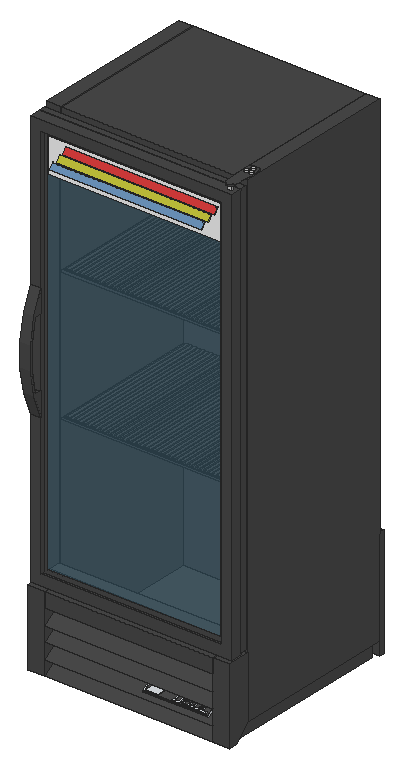
Revit family "QF_TRUE_GDM-12FC-HC~TSL01", category Specialty Equipment, Revit 2016
Family settings
  Part Type = Normal
  Round Connector Dimension = Use Diameter
  Work Plane-Based = No
  Always vertical = Yes
  Cut with Voids When Loaded = No
  Shared = No
  Room Calculation Point = No
Parameters
  Weight in Pounds = 233
  Watts = Volts * FL Amps  # 230 W
  Volts = 115 V
  URL Cutsheet = ""
  Specification by User = ""
  Specification by Manufacturer = ""
  Show Logo [instance] = yes
  Show Default Legs [instance] = not(Show 2.5 Inches Castors)  # yes
  Show Clearance [instance] = yes
  Show 2.5 Inches Castors [instance] = no
  Serial Number = ""
  Seismic Rating = ""
  SMACNA No = ""
  Revision Code = ""
  Phase = 1
  Number of Poles = 1
  NAFEM Spec ID Number = ""
  Model = "GDM-12FC-HC~TSL01"
  Min Ckt Ampacity = 0 A
  Max Overcurrent Protection = 0 A
  Materials and Finishes [instance] = QF_Plastic - Black - Smooth
  Masterspec = ""
  Manufacturer = "TRUE"
  Length = 24 13/16"
  Item Number = ""
  Installed By = ""
  Identify Quantity as Lot = yes
  Height [instance] = Body Height + Base Height  # 62 5/16"
  HP = "1/6"
  Furnished By = ""
  Foodservice Equipment Identifier = yes
  FL Amps = 2 A
  Electrical Remarks = ""
  Electric Connection Type = ""
  Elec Conn RI Height = 0"
  Elec Conn Connection Height = 0"
  Description = "SWING DOOR REFRIGERATOR WITH HYDROCARBON REFRIGERANT-TRUE STANDARD LOOK VERSION 01"
  Depth = 25 1/32"
  Cycle = 60 Hz
  Conn Plug = "NEMA 5-15P"
  Conn Conduit = yes
  CSI MasterFormat = ""
  Body Height [instance] = 62 1/8"  # constant formula
  Base Height [instance] = if(Show 2.5 Inches Castors, 2 1/2", 3/16")  # 3/16"
  Apparent Power = 0 VA
Reference planes (in)
  plane 1 "BACK": y = 0
  plane 2: z = 0
  plane 3 "LEFT": x = 0
  plane 4 "RIGHT": x = 24.8125
  plane 5 "FRONT": y = -25.03125
  plane 6 "TOP": z = 62.3125
  plane 7 "Center Y": x = 12.40625
  plane 8 "Center X": y = -12.51562
  plane 9: y = -0.53125
  plane 10: y = -23.40625
  plane 11: y = -25.09375
  plane 12: y = -46.625
  plane 13: z = 0.1875
Dimensions and locks (in)
  equal spacing: plane 3 "LEFT", plane 7 "Center Y", plane 4 "RIGHT"
  "Length": plane 3 "LEFT" to plane 4 "RIGHT"
  equal spacing: plane 5 "FRONT", plane 8 "Center X", plane 1 "BACK"
  "Depth": plane 5 "FRONT" to plane 1 "BACK"
  "Body Height": plane 6 "TOP" to plane 13
  plane 4 "RIGHT" to plane 3 "LEFT" = 24 13/16"
  plane 9 to plane 1 "BACK" = 17/32"
  plane 10 to plane 9 = 22 7/8"
  plane 5 "FRONT" to plane 10 = 1 5/8"
  plane 5 "FRONT" to plane 1 "BACK" = 25 1/32"
  plane 12 to plane 1 "BACK" = 46 5/8"
  "Base Height": plane 13 to level
  aligned and locked: level to plane 2
  aligned and locked: nested 1 to plane 13
Nested families (in)
  nested 1: "GDM-12FC-HC-TSL01" at (0, 0, 0), Show Clearance <- "Show Clearance", Show Default Legs <- "Show Default Legs", Show Logo <- "Show Logo", type "GDM-12FC-HC-TSL01"
    with Show Logo yes, Show Default Legs yes, Show Clearance yes
  nested 2: "2.5 INCHES_CASTER" at (2, -2.53125, 0), visible <- "Show 2.5 Inches Castors", 2.5 Inches Caster <- "Show 2.5 Inches Castors", type "2.5 INCHES_CASTER"
    with Type Mark "", Specification by User "", Revision Code "", Item Number "", Installed By "", Identify Quantity as Lot yes, Furnished By "", Foodservice Equipment Identifier yes, 2.5 Inches Caster no
  nested 3: "2.5 INCHES_CASTER" at (22.8125, -2.53125, 0), visible <- "Show 2.5 Inches Castors", 2.5 Inches Caster <- "Show 2.5 Inches Castors", type "2.5 INCHES_CASTER"
    with Type Mark "", Specification by User "", Revision Code "", Item Number "", Installed By "", Identify Quantity as Lot yes, Furnished By "", Foodservice Equipment Identifier yes, 2.5 Inches Caster no
  nested 4: "2.5 INCHES_CASTER" at (2, -21.78125, 0), visible <- "Show 2.5 Inches Castors", 2.5 Inches Caster <- "Show 2.5 Inches Castors", type "2.5 INCHES_CASTER"
    with Type Mark "", Specification by User "", Revision Code "", Item Number "", Installed By "", Identify Quantity as Lot yes, Furnished By "", Foodservice Equipment Identifier yes, 2.5 Inches Caster no
  nested 5: "2.5 INCHES_CASTER" at (22.8125, -21.78125, 0), visible <- "Show 2.5 Inches Castors", 2.5 Inches Caster <- "Show 2.5 Inches Castors", type "2.5 INCHES_CASTER"
    with Type Mark "", Specification by User "", Revision Code "", Item Number "", Installed By "", Identify Quantity as Lot yes, Furnished By "", Foodservice Equipment Identifier yes, 2.5 Inches Caster no
Connectors (in)
  electrical at (12.40625, 0, 7.53125), driven by "Volts", driven by "Watts"
    settings: on nested 1, index 1, voltage 115 V, apparent load 230 VA, apparent load phase1 0 VA, apparent load phase2 0 VA, apparent load phase3 0 VA, power factor 1, load classification "Other", number of poles 1, system type 30, power factor state 1, is connector primary yes, connector utility no, sub classification motor no, connector description "ELECTRICAL CONNECTION"
Definition of nested family "GDM-12FC-HC-TSL01"
  Parameters (values of type "GDM-12FC-HC-TSL01")
    Weight in Pounds = 0
    Watts = 0 W
    Volts = 0 V
    URL Cutsheet = ""
    Specification by User = ""
    Specification by Manufacturer = ""
    Show Logo [instance] = yes
    Show Default Legs [instance] = yes
    Show Clearance [instance] = yes
    Serial Number = ""
    Seismic Rating = ""
    SMACNA No = ""
    Revision Code = ""
    Phase = 0
    Number of Poles = 1
    NAFEM Spec ID Number = ""
    Model = ""
    Min Ckt Ampacity = 0 A
    Max Overcurrent Protection = 0 A
    Masterspec = ""
    Manufacturer = ""
    Length = 24 13/16"
    Item Number = ""
    Installed By = ""
    Identify Quantity as Lot = yes
    Height = 62 5/16"
    HP = ""
    Furnished By = ""
    Foodservice Equipment Identifier = yes
    FL Amps = 0 A
    Electrical Remarks = ""
    Electric Connection Type = ""
    Elec Conn RI Height = 0"
    Elec Conn Connection Height = 0"
    Description = ""
    Depth = 25 1/32"
    Cycle = 0 Hz
    Conn Plug = ""
    Conn Conduit = yes
    CSI MasterFormat = ""
    Body Finish = none
    Apparent Power = 0 VA
  Reference planes (in)
    plane 1 "BACK": y = 0
    plane 2: z = 0
    plane 3 "LEFT": x = 0
    plane 4 "RIGHT": x = 24.8125
    plane 5 "FRONT": y = -25.03125
    plane 6 "TOP": z = 62.3125
    plane 7 "Center Y": x = 12.40625
    plane 8 "Center X": y = -12.51562
    plane 9: y = -0.53125
    plane 10: y = -23.40625
    plane 11: y = -25.09375
    plane 12: z = 10.5
    plane 13: z = 2.375
    plane 14: z = 10.5
    plane 15: y = -46.625
    plane 16: y = -46.625
    plane 17: z = 0.1875
  Forms (in)
    Extrusion 1, solid
      sketch origin (0.03125, -23.4375, 65.50979) x (0, 0, 1) y (1, 0, 0)
        loop
          line (-5.03234, 23.53125) -> (-54.00979, 23.53125) -> (-54.00979, 1.21875) -> (-5.03234, 1.21875) -> (-5.03234, 23.53125)
        loop
          line (-5.53234, 23.03125) -> (-53.50979, 23.03125) -> (-53.50979, 1.71875) -> (-5.53234, 1.71875) -> (-5.53234, 23.03125)
      from 2.25251 to 0.5
    Extrusion 2, solid, material <- "Body Finish"
      sketch origin (0.03125, -23.4375, 65.50979) x (0, 0, 1) y (1, 0, 0)
        loop
          line (-55.25979, -0.03125) -> (-3.78234, -0.03125) -> (-3.78234, 24.78125) -> (-55.25979, 24.78125) -> (-55.25979, -0.03125)
        loop
          line (-5.03234, 23.53125) -> (-54.00979, 23.53125) -> (-54.00979, 1.21875) -> (-5.03234, 1.21875) -> (-5.03234, 23.53125)
      from 1.50251 to 0.03125
    Extrusion 3, solid
      sketch origin (0.03125, -23.4375, 65.50979) x (0, 0, 1) y (1, 0, 0)
        loop
          line (-5.03234, 23.53125) -> (-54.00979, 23.53125) -> (-54.00979, 1.21875) -> (-5.03234, 1.21875) -> (-5.03234, 23.53125)
        loop
          line (-4.78234, 23.78125) -> (-54.25979, 23.78125) -> (-54.25979, 0.96875) -> (-4.78234, 0.96875) -> (-4.78234, 23.78125)
      from 2.25251 to 2.5625
    Extrusion 4, solid, material <- "Body Finish"
      sketch origin (0.03125, 2.9375, 12.89062) x (0, 1, 0) y (0, 0, 1)
        loop
          line (-3.46875, 48.33682) -> (-5.125, 48.33682) -> (-5.125, -9.51562) -> (-23.8125, -9.51562) -> (-23.8125, -10.51562) -> (-3.46875, -10.51562) -> (-3.46875, 48.33682)
      from 1.75 to 23
    Extrusion 5, solid, material <- "Body Finish"
      sketch origin (0.03125, 2.9375, 12.89062) x (0, -1, 0) y (0, 0, 1)
        loop
          line (23.8125, 49.33682) -> (3.46875, 49.33682) -> (3.46875, -10.51562) -> (23.8125, -10.51562) -> (23.8125, 49.33682)
      from 0.03125 to -1.75
    Extrusion 6, solid, material <- "Body Finish"
      sketch origin (0, -0.0625, -1.8125) x (0, 1, 0) y (0, 0, 1)
        loop
          line (-0.46875, 2.5) -> (0.0625, 2.5) -> (0.0625, 16.1875) -> (-0.46875, 16.1875) -> (-0.46875, 2.5)
      from 0 to 24.8125
    Extrusion 7, solid, material <- "Body Finish"
      sketch origin (0, 0.46875, 0.375) x (0, 1, 0) y (0, 0, 1)
        loop
          line (-21.34375, 9.625) -> (-24.20354, 9.625) -> (-24.20354, 0.3125) -> (-23.03125, 0.3125) -> (-21.34375, 2) -> (-21.34375, 9.625)
      from 0 to 2
    Extrusion 8, solid
      sketch origin (0, 0.46875, 0.375) x (0, 1, 0) y (0, 0, 1)
        loop
          line (-23.03125, 0.3125) -> (-23.03125, -0.1875) -> (-1, -0.1875) -> (-1, 2) -> (-21.34375, 2) -> (-23.03125, 0.3125)
      from 0.98361 to 23.82889
    Extrusion 9, solid, material <- "Body Finish"
      sketch origin (2, 0.46875, 0.375) x (0, 1, 0) y (0, 0, 1)
        loop
          line (-24.20354, 9.625) -> (-24.20354, 7.875) -> (-21.40384, 7.875) -> (-24.20354, 5.88192) -> (-23.74627, 5.88192) -> (-21.34375, 7.61566) -> (-21.34375, 9.625) -> (-24.20354, 9.625)
        loop
          line (-21.34375, 6.04694) -> (-24.20354, 4.01463) -> (-23.74627, 4.01463) -> (-21.34375, 5.74837) -> (-21.34375, 6.04694)
        loop
          line (-21.34375, 3.88108) -> (-21.34375, 4.17966) -> (-24.20354, 2.11927) -> (-23.78927, 2.11927) -> (-21.34375, 3.88108)
        loop
          line (-21.34375, 2.37289) -> (-24.20354, 0.3125) -> (-23.03125, 0.3125) -> (-21.34375, 2) -> (-21.34375, 2.37289)
      from 0 to 20.8125
    Extrusion 10, solid
      sketch origin (0.03125, -22.9375, 65.50979) x (0, 0, -1) y (1, 0, 0)
        loop
          line (9.78234, 1.71875) -> (53.50979, 1.71875) -> (53.50979, 23.03125) -> (9.78234, 23.03125) -> (9.78234, 1.71875)
      from 0 to -0.125
    Extrusion 11, solid, visible <- "Show Clearance", detail levels coarse
      sketch origin (23.15625, -23.4375, 10.5) x (0, -1, 0) y (-1, 0, 0)
        loop
          line (-0.03125, -1.65625) -> (23.1875, -1.65625)
          arc (23.1875, -1.65625) -> (16.70099, 15.54381) -> (-0.03125, 23.15625) r 24.08186
          line (-0.03125, 23.15625) -> (-0.03125, -1.65625)
      from 0.25 to -51.22744
    Extrusion 12, solid, material <- "Body Finish"
      sketch origin (24.78125, 2.9375, 12.89062) x (0, -1, 0) y (0, 0, -1)
        loop
          line (23.8125, -49.33682) -> (23.8125, 10.51562) -> (3.46875, 10.51562) -> (3.46875, -49.33682) -> (23.8125, -49.33682)
      from 0.03125 to -1.75
    Extrusion 13, solid
      sketch origin (0.03125, -21.96624, 65.50979) x (0, 0, 1) y (1, 0, 0)
        loop
          line (-55.00979, -0.03125) -> (-3.78234, -0.03125) -> (-3.78234, 24.78125) -> (-55.00979, 24.78125) -> (-55.00979, -0.03125)
        loop
          line (-5.03234, 23.53125) -> (-53.75979, 23.53125) -> (-53.75979, 1.21875) -> (-5.03234, 1.21875) -> (-5.03234, 23.53125)
      from 0.78125 to 0.03125
    Extrusion 14, solid, material <- "Body Finish"
      sketch origin (24.8125, 0.46875, 0.375) x (0, 1, 0) y (0, 0, -1)
        loop
          line (-21.34375, -9.625) -> (-21.34375, -2) -> (-23.03125, -0.3125) -> (-24.20354, -0.3125) -> (-24.20354, -9.625) -> (-21.34375, -9.625)
      from 0 to 2
    Extrusion 15, solid
      sketch origin (0.35938, 0, 0) x (1, 0, 0) y (0, 1, 0)
        loop
          circle (23.55974, -22.48479) r 0.25
      from 10 to 62.22744
    Revolve 16, solid, visible <- "Show Default Legs"
      sketch origin (2, 0.46875, 0) x (0, 1, 0) y (0, 0, 1)
        loop
          line (-21.84375, 0) -> (-21.84375, 0.1875) -> (-22.6184, 0.1875) -> (-22.6184, 0) -> (-21.84375, 0)
        axis (-21.84375, 0) -> (-21.84375, 0.1875)
      angle from 0 to 360
    Revolve 17, solid, visible <- "Show Default Legs"
      sketch origin (2, 20.21875, 0) x (0, 1, 0) y (0, 0, 1)
        loop
          line (-21.84375, 0) -> (-21.84375, 0.1875) -> (-22.6184, 0.1875) -> (-22.6184, 0) -> (-21.84375, 0)
        axis (-21.84375, 0) -> (-21.84375, 0.1875)
      angle from 0 to 360
    Revolve 18, solid, visible <- "Show Default Legs"
      sketch origin (22.8125, 0.46875, 0) x (0, 1, 0) y (0, 0, -1)
        loop
          line (-21.84375, 0) -> (-22.6184, 0) -> (-22.6184, -0.1875) -> (-21.84375, -0.1875) -> (-21.84375, 0)
        axis (-21.84375, 0) -> (-21.84375, -0.1875)
      angle from 0 to 360
    Revolve 19, solid, visible <- "Show Default Legs"
      sketch origin (22.8125, 20.21875, 0) x (0, 1, 0) y (0, 0, -1)
        loop
          line (-21.84375, 0) -> (-22.6184, 0) -> (-22.6184, -0.1875) -> (-21.84375, -0.1875) -> (-21.84375, 0)
        axis (-21.84375, 0) -> (-21.84375, -0.1875)
      angle from 0 to 360
    Extrusion 20, solid, not visible
      sketch origin (-6.9261, -177.0625, 34.29306) x (-1, 0, 0) y (0, -1, 0)
        loop
          line (-8.70735, -174.875) -> (-8.70735, -156.1875) -> (-29.95735, -156.1875) -> (-29.95735, -174.875) -> (-8.70735, -174.875)
        loop
          line (-8.95735, -174.625) -> (-8.95735, -156.375) -> (-29.70735, -156.375) -> (-29.70735, -174.625) -> (-8.95735, -174.625)
      from 0 to 0.25
    Extrusion 21, solid, not visible
      sketch origin (0.23437, 2.9375, 7.80869) x (1, 0, 0) y (0, 0, 1)
        loop
          circle (10.17187, 26.73438) r 0.125
        loop
          circle (9.67187, 26.73438) r 0.125
        loop
          circle (9.17187, 26.73438) r 0.125
        loop
          circle (8.67187, 26.73438) r 0.125
        loop
          circle (8.17187, 26.73438) r 0.125
        loop
          circle (7.67187, 26.73438) r 0.125
        loop
          circle (7.17187, 26.73438) r 0.125
        loop
          circle (6.67187, 26.73438) r 0.125
        loop
          circle (6.17187, 26.73438) r 0.125
        loop
          circle (5.67187, 26.73438) r 0.125
        loop
          circle (5.17187, 26.73438) r 0.125
        loop
          circle (4.67187, 26.73438) r 0.125
        loop
          circle (4.17187, 26.73438) r 0.125
        loop
          circle (3.67187, 26.73438) r 0.125
        loop
          circle (3.17187, 26.73438) r 0.125
        loop
          circle (2.67187, 26.73438) r 0.125
        loop
          circle (2.17187, 26.73438) r 0.125
        loop
          circle (10.67187, 26.73438) r 0.125
        loop
          circle (11.17187, 26.73438) r 0.125
        loop
          circle (11.67187, 26.73438) r 0.125
        loop
          circle (12.17188, 26.73438) r 0.125
        loop
          circle (14.17188, 26.73438) r 0.125
        loop
          circle (14.67188, 26.73438) r 0.125
        loop
          circle (15.17188, 26.73438) r 0.125
        loop
          circle (15.67188, 26.73438) r 0.125
        loop
          circle (16.17188, 26.73438) r 0.125
        loop
          circle (16.67188, 26.73438) r 0.125
        loop
          circle (17.17188, 26.73438) r 0.125
        loop
          circle (17.67188, 26.73438) r 0.125
        loop
          circle (18.17188, 26.73438) r 0.125
        loop
          circle (18.67188, 26.73438) r 0.125
        loop
          circle (19.17188, 26.73438) r 0.125
        loop
          circle (19.67188, 26.73438) r 0.125
        loop
          circle (20.17188, 26.73438) r 0.125
        loop
          circle (20.67188, 26.73438) r 0.125
        loop
          circle (21.17188, 26.73438) r 0.125
        loop
          circle (21.67188, 26.73438) r 0.125
        loop
          circle (22.17188, 26.73438) r 0.125
        loop
          circle (13.67188, 26.73438) r 0.125
        loop
          circle (13.17188, 26.73438) r 0.125
        loop
          circle (12.67188, 26.73438) r 0.125
      from 5.125 to 23.625
    Extrusion 22, solid, material <- "Body Finish"
      sketch origin (4.31688, 2.875, 26.74306) x (1, 0, 0) y (0, 1, 0)
        loop
          arc (19.40165, -21.39984) -> (19.03744, -21.55726) -> (18.90258, -21.93042) r 0.5
          line (18.90258, -21.93042) -> (19.11273, -25.35979)
          arc (19.11273, -25.35979) -> (19.6118, -25.82921) -> (20.11086, -25.35979) r 0.5
          line (20.11086, -25.35979) -> (20.32101, -21.93042)
          arc (20.32101, -21.93042) -> (20.18615, -21.55726) -> (19.82195, -21.39984) r 0.5
          line (19.82195, -21.39984) -> (19.40165, -21.39984)
      from 35.48438 to 35.56944
    Extrusion 23, solid
      sketch origin (4.30731, 2.875, 26.74306) x (1, 0, 0) y (0, 1, 0)
        loop
          circle (19.6118, -21.78078) r 0.25
        loop
          circle (19.30218, -22.51019) r 0.25
        loop
          circle (19.92141, -22.51019) r 0.25
      from 35.48438 to 35.64063
    Extrusion 24, solid
      sketch origin (0.75, -20.8125, -17.64756) x (-1, 0, 0) y (0, 0, 1)
        loop
          line (-1, 77.625) -> (-22.3125, 77.625) -> (-22.3125, 73.375) -> (-1, 73.375) -> (-1, 77.625)
      from -0.37249 to -2.125
    Extrusion 25, solid
      sketch origin (0.75, -22.9375, -16.39756) x (1, 0, 0) y (0, 0, 1)
        loop
          line (2.10165, 73.75) -> (20.84375, 73.75) -> (21.22761, 74.75) -> (2.48552, 74.75) -> (2.10165, 73.75)
      from 0 to 0.03125
    Extrusion 26, solid
      sketch origin (0.75, -22.9375, -17.39756) x (1, 0, 0) y (0, 0, 1)
        loop
          line (3.30123, 76.875) -> (2.91736, 75.875) -> (21.64348, 75.875) -> (22.02734, 76.875) -> (3.30123, 76.875)
      from 0 to 0.03125
    Extrusion 27, solid
      sketch origin (0.75, -22.9375, -15.39756) x (1, 0, 0) y (0, 0, 1)
        loop
          line (1.28594, 71.625) -> (20.02239, 71.625) -> (20.40625, 72.625) -> (1.66981, 72.625) -> (1.28594, 71.625)
      from 0 to 0.03125
    Extrusion 28, solid, material <- "Body Finish"
      sketch origin (20.40625, -69.74366, 62.22744) x (0, 1, 0) y (-1, 0, 0)
        loop
          line (69.21241, -2.625) -> (69.21241, 18.625) -> (48.86866, 18.625) -> (48.86866, -2.625) -> (69.21241, -2.625)
      from 0 to -1
    Extrusion 29, solid, material <- "Body Finish"
      sketch origin (-0.25, 2.875, 18.89509) x (0, 1, 0) y (0, 0, 1)
        loop
          arc (-26.28125, 24.2861) -> (-27.90626, 17.09363) -> (-26.28125, 9.90116) r 16.72986
          line (-26.28125, 9.90116) -> (-26.28125, 12.85144) -> (-27.1009, 12.85144)
          arc (-27.1009, 12.85144) -> (-27.65626, 17.09363) -> (-27.1009, 21.33582) r 16.47986
          line (-27.1009, 21.33582) -> (-26.28125, 21.33582) -> (-26.28125, 24.2861)
      from 0.25 to 1.5
    Extrusion 30, solid
      sketch origin (-6.9261, -177.0625, 27.70067) x (-1, 0, 0) y (0, -1, 0)
        loop
          line (-8.70735, -174.875) -> (-8.70735, -156.1875) -> (-29.95735, -156.1875) -> (-29.95735, -174.875) -> (-8.70735, -174.875)
        loop
          line (-8.95735, -174.625) -> (-8.95735, -156.375) -> (-29.70735, -156.375) -> (-29.70735, -174.625) -> (-8.95735, -174.625)
      from 0 to 0.25
    Extrusion 31, solid
      sketch origin (0.23437, 2.9375, 1.21629) x (1, 0, 0) y (0, 0, 1)
        loop
          circle (10.17187, 26.73438) r 0.125
        loop
          circle (9.67187, 26.73438) r 0.125
        loop
          circle (9.17187, 26.73438) r 0.125
        loop
          circle (8.67187, 26.73438) r 0.125
        loop
          circle (8.17187, 26.73438) r 0.125
        loop
          circle (7.67187, 26.73438) r 0.125
        loop
          circle (7.17187, 26.73438) r 0.125
        loop
          circle (6.67187, 26.73438) r 0.125
        loop
          circle (6.17187, 26.73438) r 0.125
        loop
          circle (5.67187, 26.73438) r 0.125
        loop
          circle (5.17187, 26.73438) r 0.125
        loop
          circle (4.67187, 26.73438) r 0.125
        loop
          circle (4.17187, 26.73438) r 0.125
        loop
          circle (3.67187, 26.73438) r 0.125
        loop
          circle (3.17187, 26.73438) r 0.125
        loop
          circle (2.67187, 26.73438) r 0.125
        loop
          circle (2.17187, 26.73438) r 0.125
        loop
          circle (10.67187, 26.73438) r 0.125
        loop
          circle (11.17187, 26.73438) r 0.125
        loop
          circle (11.67187, 26.73438) r 0.125
        loop
          circle (12.17188, 26.73438) r 0.125
        loop
          circle (14.17188, 26.73438) r 0.125
        loop
          circle (14.67188, 26.73438) r 0.125
        loop
          circle (15.17188, 26.73438) r 0.125
        loop
          circle (15.67188, 26.73438) r 0.125
        loop
          circle (16.17188, 26.73438) r 0.125
        loop
          circle (16.67188, 26.73438) r 0.125
        loop
          circle (17.17188, 26.73438) r 0.125
        loop
          circle (17.67188, 26.73438) r 0.125
        loop
          circle (18.17188, 26.73438) r 0.125
        loop
          circle (18.67188, 26.73438) r 0.125
        loop
          circle (19.17188, 26.73438) r 0.125
        loop
          circle (19.67188, 26.73438) r 0.125
        loop
          circle (20.17188, 26.73438) r 0.125
        loop
          circle (20.67188, 26.73438) r 0.125
        loop
          circle (21.17188, 26.73438) r 0.125
        loop
          circle (21.67188, 26.73438) r 0.125
        loop
          circle (22.17188, 26.73438) r 0.125
        loop
          circle (13.67188, 26.73438) r 0.125
        loop
          circle (13.17188, 26.73438) r 0.125
        loop
          circle (12.67188, 26.73438) r 0.125
      from 5.125 to 23.625
    Extrusion 32, solid
      sketch origin (-6.9261, -177.0625, 44.02633) x (-1, 0, 0) y (0, -1, 0)
        loop
          line (-8.70735, -174.875) -> (-8.70735, -156.1875) -> (-29.95735, -156.1875) -> (-29.95735, -174.875) -> (-8.70735, -174.875)
        loop
          line (-8.95735, -174.625) -> (-8.95735, -156.375) -> (-29.70735, -156.375) -> (-29.70735, -174.625) -> (-8.95735, -174.625)
      from 0 to 0.25
    Extrusion 33, solid
      sketch origin (0.23437, 2.9375, 17.54196) x (1, 0, 0) y (0, 0, 1)
        loop
          circle (10.17187, 26.73438) r 0.125
        loop
          circle (9.67187, 26.73438) r 0.125
        loop
          circle (9.17187, 26.73438) r 0.125
        loop
          circle (8.67187, 26.73438) r 0.125
        loop
          circle (8.17187, 26.73438) r 0.125
        loop
          circle (7.67187, 26.73438) r 0.125
        loop
          circle (7.17187, 26.73438) r 0.125
        loop
          circle (6.67187, 26.73438) r 0.125
        loop
          circle (6.17187, 26.73438) r 0.125
        loop
          circle (5.67187, 26.73438) r 0.125
        loop
          circle (5.17187, 26.73438) r 0.125
        loop
          circle (4.67187, 26.73438) r 0.125
        loop
          circle (4.17187, 26.73438) r 0.125
        loop
          circle (3.67187, 26.73438) r 0.125
        loop
          circle (3.17187, 26.73438) r 0.125
        loop
          circle (2.67187, 26.73438) r 0.125
        loop
          circle (2.17187, 26.73438) r 0.125
        loop
          circle (10.67187, 26.73438) r 0.125
        loop
          circle (11.17187, 26.73438) r 0.125
        loop
          circle (11.67187, 26.73438) r 0.125
        loop
          circle (12.17188, 26.73438) r 0.125
        loop
          circle (14.17188, 26.73438) r 0.125
        loop
          circle (14.67188, 26.73438) r 0.125
        loop
          circle (15.17188, 26.73438) r 0.125
        loop
          circle (15.67188, 26.73438) r 0.125
        loop
          circle (16.17188, 26.73438) r 0.125
        loop
          circle (16.67188, 26.73438) r 0.125
        loop
          circle (17.17188, 26.73438) r 0.125
        loop
          circle (17.67188, 26.73438) r 0.125
        loop
          circle (18.17188, 26.73438) r 0.125
        loop
          circle (18.67188, 26.73438) r 0.125
        loop
          circle (19.17188, 26.73438) r 0.125
        loop
          circle (19.67188, 26.73438) r 0.125
        loop
          circle (20.17188, 26.73438) r 0.125
        loop
          circle (20.67188, 26.73438) r 0.125
        loop
          circle (21.17188, 26.73438) r 0.125
        loop
          circle (21.67188, 26.73438) r 0.125
        loop
          circle (22.17188, 26.73438) r 0.125
        loop
          circle (13.67188, 26.73438) r 0.125
        loop
          circle (13.17188, 26.73438) r 0.125
        loop
          circle (12.67188, 26.73438) r 0.125
      from 5.125 to 23.625
  Lines and regions (in)
    symbolic lines
      curve 1: line (0, 0, 0) -> (24.8125, 0, 0)
      curve 2: line (0, -23.73479, 0) -> (0, 0, 0)
      curve 3: line (24.8125, -23.40625, 0) -> (0, -23.40625, 0)
      curve 4: line (24.8125, 0, 0) -> (24.8125, -23.73479, 0)
      curve 5: line (24.8125, -21.93499, 0) -> (24.46144, -21.93499, 0)
      curve 6: line (24.8125, -21.18499, 0) -> (24.5074, -21.18499, 0)
      curve 7: line (0, -20.875, 0) -> (23.33097, -20.875, 0)
      curve 8: line (1.78125, -0.53125, 0) -> (1.78125, -20.875, 0)
      curve 9: line (23.03125, -20.875, 0) -> (23.03125, -0.53125, 0)
      curve 10: line (24.13883, -18.52484, 0) -> (23.71853, -18.52484, 0)
      curve 11: arc (23.71853, -18.52484, 0) -> (23.35432, -18.68226, 0) -> (23.21947, -19.05542, 0) r 0.5
      curve 12: line (23.21947, -19.05542, 0) -> (23.42962, -22.48479, 0)
      curve 13: arc (23.42962, -22.48479, 0) -> (23.92868, -22.95421, 0) -> (24.42775, -22.48479, 0) r 0.5
      curve 14: line (24.42775, -22.48479, 0) -> (24.6379, -19.05542, 0)
      curve 15: arc (24.6379, -19.05542, 0) -> (24.50304, -18.68226, 0) -> (24.13883, -18.52484, 0) r 0.5
      curve 16: arc (24.16911, -22.48479, 0) -> (23.91911, -22.23479, 0) -> (23.66911, -22.48479, 0) r 0.25
      curve 17: arc (23.66911, -22.48479, 0) -> (23.91911, -22.73479, 0) -> (24.16911, -22.48479, 0) r 0.25
      curve 18: arc (23.3595, -19.63519, 0) -> (23.6095, -19.88519, 0) -> (23.8595, -19.63519, 0) r 0.25
      curve 19: arc (23.8595, -19.63519, 0) -> (23.6095, -19.38519, 0) -> (23.3595, -19.63519, 0) r 0.25
      curve 20: arc (23.97873, -19.63519, 0) -> (24.22873, -19.88519, 0) -> (24.47873, -19.63519, 0) r 0.25
      curve 21: arc (24.47873, -19.63519, 0) -> (24.22873, -19.38519, 0) -> (23.97873, -19.63519, 0) r 0.25
      curve 22: arc (23.66911, -18.90578, 0) -> (23.91911, -19.15578, 0) -> (24.16911, -18.90578, 0) r 0.25
      curve 23: arc (24.16911, -18.90578, 0) -> (23.91911, -18.65578, 0) -> (23.66911, -18.90578, 0) r 0.25
      curve 24: line (24.52639, -20.875, 0) -> (24.8125, -20.875, 0)
      curve 25: line (23.34997, -21.18499, 0) -> (0, -21.18499, 0)
      curve 26: line (23.39593, -21.93499, 0) -> (0, -21.93499, 0)
      curve 27: line (24.8125, -23.40625, 0) -> (3.78864, -35.54438, 0)
      curve 28: arc (3.78864, -35.54438, 0) -> (1.07871, -29.72989, 0) -> (0, -23.40625, 0) r 24.08186
      curve 29: line (0.625, -25.03126, 0) -> (0.625, -23.40625, 0)
      curve 30: line (0.625, -25.03126, 0) -> (1.625, -25.03126, 0)
      curve 31: line (1.625, -25.03126, 0) -> (1.625, -23.40625, 0)
      curve 32: line (0, -23.73479, 0) -> (0.625, -23.73479, 0)
      curve 33: line (1.625, -23.73479, 0) -> (24.8125, -23.73479, 0)
      curve 34: line (0, -0.53125, 0) -> (24.8125, -0.53125, 0)
  Dimensions and locks (in)
    equal spacing: plane 3 "LEFT", plane 7 "Center Y", plane 4 "RIGHT"
    "Length": plane 3 "LEFT" to plane 4 "RIGHT"
    equal spacing: plane 5 "FRONT", plane 8 "Center X", plane 1 "BACK"
    "Depth": plane 5 "FRONT" to plane 1 "BACK"
    "Height": plane 6 "TOP" to level
    plane 4 "RIGHT" to plane 3 "LEFT" = 24 13/16"
    plane 9 to plane 1 "BACK" = 17/32"
    plane 10 to plane 9 = 22 7/8"
    plane 5 "FRONT" to plane 10 = 1 5/8"
    plane 5 "FRONT" to plane 1 "BACK" = 25 1/32"
    plane 1 "BACK" to plane 15 = 46 5/8"
    plane 16 to plane 1 "BACK" = 46 5/8"
    plane 17 to level = 3/16"
    aligned and locked: level to plane 2
  Automatic sketch dimensions
    Extrusion 20 sketch curve to Extrusion 20 sketch curve = 20 3/4"
    Extrusion 20 sketch curve to Extrusion 20 sketch curve = 1/4"  (x3)
    Extrusion 20 sketch curve to Extrusion 20 sketch curve = 18 1/4"
    Extrusion 20 sketch curve to Extrusion 20 sketch curve = 3/16"
    curve 16 to curve 17 = 0"  (x2)
    curve 18 to curve 19 = 0"  (x2)
    curve 20 to curve 21 = 0"  (x2)
    curve 22 to curve 23 = 0"  (x2)
    plane 1 "BACK" to curve 1 = 0"
    curve 1 to plane 3 "LEFT" = 0"
    curve 29 to plane 10 = 0"
    curve 8 to plane 9 = 0"
    curve 27 to plane 4 "RIGHT" = 0"
    plane 5 "FRONT" to curve 30 = 0"
    plane 3 "LEFT" to curve 30 = 5/8"
    curve 29 to curve 31 = 1"
    plane 3 "LEFT" to curve 27 = 3.78864"
    plane 4 "RIGHT" to curve 12 = 1.59303"
    plane 10 to curve 12 = 0.92146"
    plane 4 "RIGHT" to curve 12 = 1.38288"
    curve 12 to curve 19 = 0.39003"
    curve 12 to curve 10 = 0.49906"
    curve 12 to curve 17 = 0.48949"
    curve 11 to curve 22 = 0.20058"
    curve 16 to curve 13 = 0.00957"
    curve 16 to curve 28 = 0.14769"
    curve 10 to curve 10 = 0.4203"
    plane 4 "RIGHT" to curve 20 = 0.58377"
    curve 28 to curve 14 = 0.36094"
    plane 4 "RIGHT" to curve 14 = 0.1746"
    plane 5 "FRONT" to curve 27 = 10.51313"
    curve 4 to plane 10 = 0.32854"
    curve 2 to curve 28 = 0.32854"
    curve 28 to curve 17 = 0.06989"
    curve 16 to curve 13 = 0.03058"
    curve 13 to curve 20 = 2.81903"
    curve 18 to curve 20 = 0"
    curve 19 to curve 12 = 0.57977"
    curve 21 to curve 14 = 0.57977"
    curve 14 to curve 15 = 0.03058"
    curve 11 to curve 23 = 0.11906"
    plane 3 "LEFT" to curve 8 = 1 25/32"
    curve 9 to curve 18 = 0.57825"
    curve 9 to curve 7 = 0.29972"
    curve 7 to curve 25 = 0.019"
    curve 19 to curve 18 = 1/4"
    curve 26 to curve 13 = 0.03369"
    curve 22 to curve 11 = 0.04942"
    curve 12 to curve 17 = 0.23949"
    curve 18 to curve 20 = 0.11923"
    plane 4 "RIGHT" to curve 5 = 0.35106"
    curve 6 to curve 6 = 0.3051"
    curve 24 to curve 24 = 0.28611"
    Extrusion 1 sketch curve to Extrusion 1 sketch curve = 1/2"  (x4)
    Extrusion 2 sketch curve to plane 12 = 1/4"
    plane 12 to Extrusion 2 sketch curve = 1"
    Extrusion 3 sketch curve to Extrusion 3 sketch curve = 1/4"  (x4)
    Extrusion 4 sketch curve to plane 13 = 0"
    Extrusion 4 sketch curve to Extrusion 4 sketch curve = 1 21/32"
    plane 13 to Extrusion 4 sketch curve = 1"
    Extrusion 6 sketch curve to Extrusion 6 sketch curve = 13 11/16"
    Extrusion 7 sketch curve to Extrusion 7 sketch curve = 1 11/16"  (x2)
    Extrusion 7 sketch curve to Extrusion 7 sketch curve = 7 5/8"
    Extrusion 9 sketch curve to Extrusion 7 = 0"  (x11)
    Extrusion 7 to Extrusion 9 sketch curve = 0"  (x2)
    Extrusion 9 sketch curve to Extrusion 9 sketch curve = 0.41427"
    Extrusion 9 sketch curve to Extrusion 9 sketch curve = 0.45727"  (x2)
    Extrusion 9 sketch curve to Extrusion 7 = 0.06009"
    Extrusion 9 sketch curve to Extrusion 7 = 1.80677"
    Extrusion 9 sketch curve to Extrusion 9 sketch curve = 0.37289"
    Extrusion 9 sketch curve to Extrusion 9 sketch curve = 1.5082"
    Extrusion 9 sketch curve to Extrusion 9 sketch curve = 1.89536"
    Extrusion 9 sketch curve to Extrusion 9 sketch curve = 0.29857"  (x2)
    Extrusion 9 sketch curve to Extrusion 9 sketch curve = 1.56871"  (x2)
    Extrusion 9 sketch curve to Extrusion 9 sketch curve = 1.86729"
    Extrusion 9 sketch curve to Extrusion 9 sketch curve = 1 3/4"
    Extrusion 1 to Extrusion 10 sketch curve = 0"
    Extrusion 10 sketch curve to Extrusion 1 = 0"  (x2)
    Extrusion 1 to Extrusion 10 sketch curve = 4 1/4"
    Extrusion 11 sketch curve to plane 4 "RIGHT" = 0"
    Extrusion 11 sketch curve to plane 10 = 0"
    Extrusion 11 sketch curve to plane 15 = 0"
    Extrusion 11 sketch curve to plane 3 "LEFT" = 0"
    plane 4 "RIGHT" to Extrusion 11 sketch curve = 0.7457"
    Extrusion 13 sketch curve to plane 14 = 0"
    plane 14 to Extrusion 13 sketch curve = 1 1/4"
    Extrusion 14 sketch curve to Extrusion 14 sketch curve = 1 11/16"  (x2)
    Extrusion 15 sketch curve to Extrusion 15 sketch curve = 1/4"
    Revolve 16 sketch curve to Revolve 16 sketch curve = 0.77465"
    Revolve 16 sketch curve to Revolve 16 sketch curve = 0"  (x2)
    Revolve 16 sketch curve to Revolve 16 sketch curve = 0.38265"
    Revolve 17 sketch curve to Revolve 17 sketch curve = 0.77465"
    Revolve 17 sketch curve to Revolve 17 sketch curve = 0"  (x2)
    Revolve 17 sketch curve to Revolve 17 sketch curve = 0.38265"
    Revolve 18 sketch curve to Revolve 18 sketch curve = 0.77465"
    Revolve 18 sketch curve to Revolve 18 sketch curve = 0"  (x2)
    Revolve 18 sketch curve to Revolve 18 sketch curve = 0.38265"
    Revolve 19 sketch curve to Revolve 19 sketch curve = 0.77465"
    Revolve 19 sketch curve to Revolve 19 sketch curve = 0"  (x2)
    Revolve 19 sketch curve to Revolve 19 sketch curve = 0.38265"
    Extrusion 22 sketch curve to Extrusion 22 sketch curve = 0.49906"  (x4)
    Extrusion 22 sketch curve to Extrusion 22 sketch curve = 0.4203"
    Extrusion 22 sketch curve to Extrusion 22 sketch curve = 0.03058"  (x2)
    Extrusion 22 sketch curve to Extrusion 22 sketch curve = 3.42938"
    Extrusion 22 sketch curve to Extrusion 22 sketch curve = 0"
    Extrusion 23 sketch curve to Extrusion 23 sketch curve = 0.30962"
    Extrusion 23 sketch curve to Extrusion 23 sketch curve = 0"
    Extrusion 23 sketch curve to Extrusion 23 sketch curve = 0.72941"
    Extrusion 25 sketch curve to Extrusion 24 = 1.10165"
    Extrusion 25 sketch curve to Extrusion 25 sketch curve = 0.38386"  (x2)
    Extrusion 25 sketch curve to Extrusion 24 = 1 15/32"
    Extrusion 25 sketch curve to Extrusion 24 = 1 5/8"
    Extrusion 25 sketch curve to Extrusion 25 sketch curve = 1"
    Extrusion 26 sketch curve to Extrusion 24 = 1.91736"
    Extrusion 26 sketch curve to Extrusion 24 = 1/2"
    Extrusion 26 sketch curve to Extrusion 26 sketch curve = 0.38386"
    Extrusion 26 sketch curve to Extrusion 24 = 0.66902"
    Extrusion 26 sketch curve to Extrusion 24 = 73/256"
    Extrusion 26 sketch curve to Extrusion 26 sketch curve = 1"
    Extrusion 27 sketch curve to Extrusion 24 = 0.28594"
    Extrusion 27 sketch curve to Extrusion 24 = 0.66981"
    Extrusion 27 sketch curve to Extrusion 24 = 1/2"
    Extrusion 27 sketch curve to Extrusion 24 = 2.29011"
    Extrusion 27 sketch curve to Extrusion 27 sketch curve = 0.38386"
    Extrusion 27 sketch curve to Extrusion 27 sketch curve = 1"
    Extrusion 29 sketch curve to Extrusion 29 sketch curve = 2.95028"
    Extrusion 29 sketch curve to Extrusion 29 sketch curve = 4 31/128"
    Extrusion 1 sketch curve to Extrusion 1 sketch curve = 47.97744"
    Extrusion 1 sketch curve to Extrusion 1 sketch curve = 21 5/16"
    Extrusion 2 sketch curve to Extrusion 2 sketch curve = 48.97744"
    Extrusion 2 sketch curve to Extrusion 2 sketch curve = 1 1/4"  (x3)
    Extrusion 2 sketch curve to Extrusion 2 sketch curve = 22 5/16"
    Extrusion 3 sketch curve to Extrusion 3 sketch curve = 48.97744"
    Extrusion 3 sketch curve to Extrusion 3 sketch curve = 22 5/16"
    Extrusion 4 sketch curve to Extrusion 4 sketch curve = 18 11/16"
    Extrusion 4 sketch curve to Extrusion 4 sketch curve = 57.85244"
    Extrusion 5 sketch curve to Extrusion 5 sketch curve = 20 11/32"
    Extrusion 5 sketch curve to Extrusion 5 sketch curve = 59.85244"
    Extrusion 6 sketch curve to Extrusion 6 sketch curve = 17/32"
    Extrusion 7 sketch curve to Extrusion 7 sketch curve = 1.17229"
    Extrusion 8 sketch curve to Extrusion 8 sketch curve = 1 11/16"  (x2)
    Extrusion 8 sketch curve to Extrusion 8 sketch curve = 20 11/32"
    Extrusion 8 sketch curve to Extrusion 8 sketch curve = 1/2"
    Extrusion 12 sketch curve to Extrusion 12 sketch curve = 20 11/32"
    Extrusion 12 sketch curve to Extrusion 12 sketch curve = 59.85244"
    Extrusion 13 sketch curve to Extrusion 13 sketch curve = 48.72744"
    Extrusion 13 sketch curve to Extrusion 13 sketch curve = 1 1/4"  (x3)
    Extrusion 13 sketch curve to Extrusion 13 sketch curve = 22 5/16"
    Extrusion 14 sketch curve to Extrusion 14 sketch curve = 1.17229"
    Extrusion 14 sketch curve to Extrusion 14 sketch curve = 7 5/8"
    Revolve 16 sketch curve to Revolve 16 sketch curve = 3/16"
    Revolve 17 sketch curve to Revolve 17 sketch curve = 3/16"
    Revolve 18 sketch curve to Revolve 18 sketch curve = 3/16"
    Revolve 19 sketch curve to Revolve 19 sketch curve = 3/16"
    Extrusion 22 sketch curve to Extrusion 22 sketch curve = 0.21015"
    Extrusion 23 sketch curve to Extrusion 23 sketch curve = 0.61923"
    Extrusion 24 sketch curve to Extrusion 24 sketch curve = 21 5/16"
    Extrusion 24 sketch curve to Extrusion 24 sketch curve = 4 1/4"
    Extrusion 28 sketch curve to Extrusion 28 sketch curve = 20 11/32"
    Extrusion 28 sketch curve to Extrusion 28 sketch curve = 21 1/4"
    Extrusion 29 sketch curve to Extrusion 29 sketch curve = 0"  (x5)
    Extrusion 29 sketch curve to Extrusion 29 sketch curve = 0.81965"  (x2)
    Extrusion 29 sketch curve to Extrusion 29 sketch curve = 15.10485"
    plane 4 "RIGHT" to Extrusion 1 sketch curve = 1 1/4"
    plane 17 to Extrusion 1 sketch curve = 11 5/16"
    Extrusion 2 sketch curve to plane 3 "LEFT" = 0"
    plane 3 "LEFT" to Extrusion 3 sketch curve = 1"
    plane 17 to Extrusion 3 sketch curve = 11 1/16"
    Extrusion 4 sketch curve to plane 9 = 0"
    Extrusion 5 sketch curve to plane 9 = 0"
    plane 17 to Extrusion 5 sketch curve = 2 3/16"
    Extrusion 6 sketch curve to plane 9 = 0"
    plane 17 to Extrusion 6 sketch curve = 1/2"
    Extrusion 7 sketch curve to plane 10 = 0.32854"
    plane 17 to Extrusion 7 sketch curve = 1/2"
    Extrusion 8 sketch curve to plane 17 = 0"
    Extrusion 8 sketch curve to plane 9 = 0"
    Extrusion 12 sketch curve to plane 9 = 0"
    Extrusion 12 sketch curve to plane 6 "TOP" = 0.08506"
    Extrusion 13 sketch curve to plane 3 "LEFT" = 0"
    Extrusion 14 sketch curve to plane 10 = 0.32854"
    plane 17 to Extrusion 14 sketch curve = 9 13/16"
    Extrusion 15 sketch curve to Extrusion 15 sketch curve = 0"  (x2)
    plane 4 "RIGHT" to Extrusion 15 sketch curve = 0.89339"
    plane 10 to Extrusion 15 sketch curve = 0.92146"
    Revolve 16 sketch curve to plane 17 = 0"
    plane 10 to Revolve 16 sketch curve = 1.2566"
    Revolve 17 sketch curve to plane 17 = 0"
    Revolve 17 sketch curve to plane 9 = 1.8684"
    Revolve 18 sketch curve to plane 17 = 0"
    plane 10 to Revolve 18 sketch curve = 1.2566"
    Revolve 19 sketch curve to plane 17 = 0"
    Revolve 19 sketch curve to plane 9 = 1.8684"
    plane 4 "RIGHT" to Extrusion 22 sketch curve = 1.59303"
    plane 10 to Extrusion 22 sketch curve = 0.92146"
    plane 4 "RIGHT" to Extrusion 23 sketch curve = 1.203"
    plane 10 to Extrusion 23 sketch curve = 3.77106"
    plane 4 "RIGHT" to Extrusion 24 sketch curve = 1 3/4"
    Extrusion 24 sketch curve to plane 6 "TOP" = 6.58506"
    Extrusion 28 sketch curve to plane 9 = 0"
    plane 4 "RIGHT" to Extrusion 28 sketch curve = 1 25/32"
    Extrusion 29 sketch curve to plane 10 = 0"
    plane 17 to Extrusion 29 sketch curve = 28.60875"
    Extrusion 30 sketch curve to Extrusion 30 sketch curve = 20 3/4"
    Extrusion 30 sketch curve to Extrusion 30 sketch curve = 1/4"  (x3)
    Extrusion 30 sketch curve to Extrusion 30 sketch curve = 18 1/4"
    Extrusion 30 sketch curve to Extrusion 30 sketch curve = 3/16"
    Extrusion 31 sketch curve to Extrusion 31 sketch curve = 1/2"  (x40)
    Extrusion 31 sketch curve to Extrusion 31 sketch curve = 0"  (x40)
    Extrusion 32 sketch curve to Extrusion 32 sketch curve = 20 3/4"
    Extrusion 32 sketch curve to Extrusion 32 sketch curve = 1/4"  (x3)
    Extrusion 32 sketch curve to Extrusion 32 sketch curve = 18 1/4"
    Extrusion 32 sketch curve to Extrusion 32 sketch curve = 3/16"
    Extrusion 33 sketch curve to Extrusion 33 sketch curve = 1/2"  (x40)
    Extrusion 33 sketch curve to Extrusion 33 sketch curve = 0"  (x40)
    radius of Extrusion 23 sketch curve = 1/4"  (x3)
    radius of Extrusion 31 sketch curve = 1/8"  (x41)
    radius of Extrusion 33 sketch curve = 1/8"  (x41)
  Nested families (in)
    nested 1: "QF_LOGO_TRUE" at (13.73437, -22.01905, 2.22774), Show Logo <- "Show Logo", type "QF_LOGO_TRUE", detail levels medium+fine
      with Show Logo yes
  Definition of nested family "QF_LOGO_TRUE"
    Parameters (values of type "QF_LOGO_TRUE")
      Show Logo [instance] = yes
    Reference planes (in)
      plane 1 "Center (Front/Back)": y = 0
      plane 2: z = 0
      plane 3 "Center (Left/Right)": x = 0
    Forms (in)
      Extrusion 1, solid, visible <- "Show Logo"
        sketch origin (-78.34647, -5.69797, -45.41461) x (1, 0, 0) y (0, 0.811961, 0.583711)
          loop
            line (81.15226, 31.65456) -> (81.07353, 31.48573) -> (82.12083, 31.48573)
            arc (82.12083, 31.48573) -> (82.14208, 31.44814) -> (82.12083, 31.41055) r 0.04386
            line (82.12083, 31.41055) -> (81.84767, 30.82478)
            arc (81.84767, 30.82478) -> (81.84531, 30.77052) -> (81.882, 30.73048) r 0.07096
            line (81.882, 30.73048) -> (82.55165, 30.73048)
            arc (82.55165, 30.73048) -> (82.63621, 30.75714) -> (82.69019, 30.82748) r 0.14742
            line (82.69019, 30.82748) -> (82.90515, 31.28847) -> (83.10265, 31.28847)
            arc (83.10265, 31.28847) -> (83.15447, 31.26942) -> (83.14697, 31.21472) r 0.04405
            line (83.14697, 31.21472) -> (82.9671, 30.82899)
            arc (82.9671, 30.82899) -> (82.9699, 30.76493) -> (83.02398, 30.73048) r 0.06943
            line (83.02398, 30.73048) -> (83.6124, 30.73048)
            arc (83.6124, 30.73048) -> (83.65748, 30.74689) -> (83.68147, 30.78844) r 0.07014
            arc (83.68147, 30.78844) -> (83.69845, 30.74745) -> (83.73943, 30.73048) r 0.05796
            line (83.73943, 30.73048) -> (84.112, 30.73048)
            arc (84.112, 30.73048) -> (84.15504, 30.74201) -> (84.18655, 30.77352) r 0.08608
            arc (84.18655, 30.77352) -> (84.20164, 30.7371) -> (84.23806, 30.72202) r 0.0515
            line (84.23806, 30.72202) -> (84.76757, 30.72202)
            arc (84.76757, 30.72202) -> (84.81086, 30.73995) -> (84.8288, 30.78324) r 0.06122
            arc (84.8288, 30.78324) -> (84.86848, 30.74355) -> (84.92269, 30.72903) r 0.10842
            line (84.92269, 30.72903) -> (85.91461, 30.72903) -> (86.02479, 30.91987) -> (85.0243, 30.91987)
            arc (85.0243, 30.91987) -> (84.99669, 30.93902) -> (84.99566, 30.97261) r 0.03732
            line (84.99566, 30.97261) -> (85.01297, 31.00972)
            arc (85.01297, 31.00972) -> (85.03954, 31.04453) -> (85.0813, 31.05774) r 0.07263
            line (85.0813, 31.05774) -> (85.40289, 31.05774)
            arc (85.40289, 31.05774) -> (85.4723, 31.07633) -> (85.52311, 31.12715) r 0.13882
            line (85.52311, 31.12715) -> (85.61625, 31.28847)
            arc (85.61625, 31.28847) -> (85.61625, 31.37458) -> (85.54168, 31.41763) r 0.08611
            line (85.54168, 31.41763) -> (85.20227, 31.41763)
            arc (85.20227, 31.41763) -> (85.11574, 31.40294) -> (85.05538, 31.33923) r 0.13863
            line (85.05538, 31.33923) -> (84.89409, 30.99333)
            arc (84.89409, 30.99333) -> (84.84649, 30.9313) -> (84.77191, 30.90778) r 0.13002
            line (84.77191, 30.90778) -> (84.41984, 30.90778)
            arc (84.41984, 30.90778) -> (84.3777, 30.95378) -> (84.38042, 31.0161) r 0.08151
            line (84.38042, 31.0161) -> (84.56766, 31.41763) -> (84.44849, 31.41763) -> (84.25012, 30.99222)
            arc (84.25012, 30.99222) -> (84.21158, 30.94199) -> (84.15119, 30.92296) r 0.10527
            line (84.15119, 30.92296) -> (83.90842, 30.92296)
            arc (83.90842, 30.92296) -> (83.8674, 30.97642) -> (83.87619, 31.04323) r 0.08805
            line (83.87619, 31.04323) -> (84.05078, 31.41763) -> (83.92772, 31.41763) -> (83.72676, 30.98668)
            arc (83.72676, 30.98668) -> (83.68011, 30.94003) -> (83.61639, 30.92296) r 0.12745
            line (83.61639, 30.92296) -> (83.26484, 30.92296)
            arc (83.26484, 30.92296) -> (83.2017, 30.9524) -> (83.19563, 31.0218) r 0.06967
            line (83.19563, 31.0218) -> (83.31118, 31.26961) -> (83.47452, 31.26961)
            arc (83.47452, 31.26961) -> (83.50209, 31.35268) -> (83.56075, 31.41763) r 0.21289
            line (83.56075, 31.41763) -> (82.92244, 31.41763)
            arc (82.92244, 31.41763) -> (82.85151, 31.40191) -> (82.80242, 31.34834) r 0.12081
            line (82.80242, 31.34834) -> (82.6294, 30.9773)
            arc (82.6294, 30.9773) -> (82.58962, 30.93752) -> (82.53528, 30.92296) r 0.10869
            line (82.53528, 30.92296) -> (82.1542, 30.92296)
            arc (82.1542, 30.92296) -> (82.12446, 30.96315) -> (82.13012, 31.01283) r 0.06822
            line (82.13012, 31.01283) -> (82.38156, 31.48573) -> (83.01596, 31.48573) -> (83.09469, 31.65456) -> (82.46029, 31.65456) -> (82.53902, 31.8234) -> (82.31334, 31.8234) -> (82.23461, 31.65456) -> (81.15226, 31.65456)
          loop
            arc (85.15937, 31.26434) -> (85.13191, 31.25698) -> (85.1118, 31.23688) r 0.05494
            line (85.1118, 31.23688) -> (85.09547, 31.18665)
            arc (85.09547, 31.18665) -> (85.10304, 31.16837) -> (85.12133, 31.16079) r 0.02586
            line (85.12133, 31.16079) -> (85.39889, 31.16079)
            arc (85.39889, 31.16079) -> (85.41888, 31.16523) -> (85.43513, 31.1777) r 0.04731
            line (85.43513, 31.1777) -> (85.44863, 31.2402)
            arc (85.44863, 31.2402) -> (85.44466, 31.25693) -> (85.42914, 31.26434) r 0.01994
            line (85.42914, 31.26434) -> (85.15937, 31.26434)
          loop
            line (78.62961, 30.74125) -> (80.12032, 30.74125) -> (80.73891, 31.81268) -> (79.2482, 31.81268) -> (78.62961, 30.74125)
        from 34.76797 to 34.83173
      Extrusion 2, solid, visible <- "Show Logo"
        sketch origin (-142.84857, -8.01816, -47.06044) x (1, 0, 0) y (0, 0.811961, 0.583711)
          loop
            line (150.81107, 34.71978) -> (142.98607, 34.71978) -> (142.98607, 33.4921) -> (150.81107, 33.4921) -> (150.81107, 34.71978)
        from 34.75108 to 34.78125
      Extrusion 3, solid, visible <- "Show Logo"
        sketch origin (-142.84857, -8.01816, -47.06044) x (1, 0, 0) y (0, 0.811961, 0.583711)
          loop
            line (150.94857, 34.85727) -> (142.84857, 34.85727) -> (142.84857, 33.3546) -> (150.94857, 33.3546) -> (150.94857, 34.85727)
          loop
            line (142.98607, 34.71978) -> (142.98607, 33.4921) -> (150.81107, 33.4921) -> (150.81107, 34.71978) -> (142.98607, 34.71978)
        from 34.75108 to 34.81376
      Extrusion 4, solid, not visible
        sketch origin (121.45701, -16.5, 4.98235) x (1, 0, 0) y (0, 0, 1)
          loop
            line (25.20115, 35.89949) -> (25.20115, 33.96647) -> (30.95381, 33.96647) -> (30.95381, 35.89949) -> (25.20115, 35.89949)
        from 31.5 to 31.54261
      Extrusion 5, solid, not visible
        sketch origin (121.45701, -16.5, 4.98235) x (1, 0, 0) y (0, 0, 1)
          loop
            line (26.7387, 34.95472) -> (26.61492, 34.49276) -> (27.038, 34.49276)
            arc (27.038, 34.49276) -> (27.13117, 34.52484) -> (27.18485, 34.60749) r 0.15134
            arc (27.18485, 34.60749) -> (27.20396, 34.68138) -> (27.22435, 34.75493) r 4.37326
            arc (27.22435, 34.75493) -> (27.23458, 34.81765) -> (27.22435, 34.88037) r 0.1974
            arc (27.22435, 34.88037) -> (27.18247, 34.93579) -> (27.11563, 34.95472) r 0.10914
            line (27.11563, 34.95472) -> (26.7387, 34.95472)
          loop
            line (26.90201, 34.80638) -> (26.84645, 34.59903) -> (26.92855, 34.59903)
            arc (26.92855, 34.59903) -> (26.98205, 34.6185) -> (27.01051, 34.6678) r 0.08322
            line (27.01051, 34.6678) -> (27.02399, 34.74424)
            arc (27.02399, 34.74424) -> (27.01491, 34.78454) -> (26.97985, 34.80638) r 0.05353
            line (26.97985, 34.80638) -> (26.90201, 34.80638)
          loop
            line (27.45336, 34.66131) -> (27.76233, 34.66131) -> (27.78859, 34.73909)
            arc (27.78859, 34.73909) -> (27.7878, 34.82039) -> (27.73107, 34.87864) r 0.10925
            arc (27.73107, 34.87864) -> (27.68233, 34.8944) -> (27.63139, 34.89974) r 0.24595
            line (27.63139, 34.89974) -> (27.46708, 34.89974)
            arc (27.46708, 34.89974) -> (27.4068, 34.88073) -> (27.3535, 34.84677) r 0.2421
            arc (27.3535, 34.84677) -> (27.2897, 34.76363) -> (27.26702, 34.66131) r 0.2421
            line (27.26702, 34.66131) -> (27.26702, 34.54477)
            arc (27.26702, 34.54477) -> (27.31618, 34.4956) -> (27.38334, 34.47761) r 0.13431
            line (27.38334, 34.47761) -> (27.59054, 34.47761)
            arc (27.59054, 34.47761) -> (27.63459, 34.48281) -> (27.67622, 34.49812) r 0.18924
            line (27.67622, 34.49812) -> (27.73102, 34.61563)
            arc (27.73102, 34.61563) -> (27.68453, 34.59565) -> (27.63566, 34.58252) r 0.35376
            arc (27.63566, 34.58252) -> (27.55885, 34.56956) -> (27.48204, 34.58252) r 0.23415
            arc (27.48204, 34.58252) -> (27.44492, 34.61362) -> (27.45336, 34.66131) r 0.04838
          loop
            line (27.4842, 34.73042) -> (27.62012, 34.73042) -> (27.62621, 34.76496)
            arc (27.62621, 34.76496) -> (27.58961, 34.80242) -> (27.53739, 34.80638) r 0.0742
            arc (27.53739, 34.80638) -> (27.49747, 34.77773) -> (27.4842, 34.73042) r 0.0742
          loop
            line (27.91616, 34.97572) -> (27.78675, 34.49276) -> (27.98645, 34.49276) -> (28.11586, 34.97572) -> (27.91616, 34.97572)
          loop
            line (28.13678, 34.66131) -> (28.08755, 34.47761) -> (28.27134, 34.47761) -> (28.32056, 34.66131) -> (28.43674, 34.66131) -> (28.47974, 34.78864) -> (28.36519, 34.78864)
            arc (28.36519, 34.78864) -> (28.35733, 34.81649) -> (28.36921, 34.84288) r 0.04231
            arc (28.36921, 34.84288) -> (28.431, 34.8652) -> (28.49617, 34.85686) r 0.13988
            line (28.49617, 34.85686) -> (28.53544, 34.97317)
            arc (28.53544, 34.97317) -> (28.39725, 34.99096) -> (28.25905, 34.97317) r 0.54546
            arc (28.25905, 34.97317) -> (28.20849, 34.91994) -> (28.18197, 34.85147) r 0.1894
            line (28.18197, 34.85147) -> (28.17089, 34.78864) -> (28.11397, 34.78864) -> (28.07985, 34.66131) -> (28.13678, 34.66131)
          loop
            arc (28.74846, 34.89756) -> (28.65884, 34.88533) -> (28.56922, 34.89756) r 0.33455
            line (28.56922, 34.89756) -> (28.45669, 34.47761) -> (28.63593, 34.47761) -> (28.74846, 34.89756)
          loop
            arc (28.60398, 35.01195) -> (28.57699, 34.97173) -> (28.60398, 34.9315) r 0.04347
            line (28.60398, 34.9315) -> (28.75755, 34.9315)
            arc (28.75755, 34.9315) -> (28.78645, 34.96687) -> (28.77911, 35.01195) r 0.0556
            line (28.77911, 35.01195) -> (28.60398, 35.01195)
          loop
            line (28.95336, 34.66131) -> (29.26233, 34.66131) -> (29.28859, 34.73909)
            arc (29.28859, 34.73909) -> (29.2878, 34.82039) -> (29.23107, 34.87864) r 0.10925
            arc (29.23107, 34.87864) -> (29.18233, 34.8944) -> (29.13139, 34.89974) r 0.24595
            line (29.13139, 34.89974) -> (28.96708, 34.89974)
            arc (28.96708, 34.89974) -> (28.9068, 34.88073) -> (28.8535, 34.84677) r 0.2421
            arc (28.8535, 34.84677) -> (28.7897, 34.76363) -> (28.76702, 34.66131) r 0.2421
            line (28.76702, 34.66131) -> (28.76702, 34.54477)
            arc (28.76702, 34.54477) -> (28.81618, 34.4956) -> (28.88334, 34.47761) r 0.13431
            line (28.88334, 34.47761) -> (29.09054, 34.47761)
            arc (29.09054, 34.47761) -> (29.13459, 34.48281) -> (29.17622, 34.49812) r 0.18924
            line (29.17622, 34.49812) -> (29.23102, 34.61563)
            arc (29.23102, 34.61563) -> (29.18453, 34.59565) -> (29.13566, 34.58252) r 0.35376
            arc (29.13566, 34.58252) -> (29.05885, 34.56956) -> (28.98204, 34.58252) r 0.23415
            arc (28.98204, 34.58252) -> (28.94492, 34.61362) -> (28.95336, 34.66131) r 0.04838
          loop
            line (28.9842, 34.73042) -> (29.12012, 34.73042) -> (29.12621, 34.76496)
            arc (29.12621, 34.76496) -> (29.08961, 34.80242) -> (29.03739, 34.80638) r 0.0742
            arc (29.03739, 34.80638) -> (28.99747, 34.77773) -> (28.9842, 34.73042) r 0.0742
          loop
            line (29.41616, 34.97572) -> (29.28675, 34.49276) -> (29.48645, 34.49276) -> (29.61586, 34.97572) -> (29.41616, 34.97572)
          loop
            line (29.99836, 34.97572) -> (29.95192, 34.80242)
            arc (29.95192, 34.80242) -> (29.94473, 34.85705) -> (29.90102, 34.89059) r 0.07199
            arc (29.90102, 34.89059) -> (29.80023, 34.89941) -> (29.70251, 34.87322) r 0.29131
            arc (29.70251, 34.87322) -> (29.61806, 34.7652) -> (29.5896, 34.63108) r 0.30433
            line (29.5896, 34.63108) -> (29.5896, 34.55572)
            arc (29.5896, 34.55572) -> (29.61075, 34.50463) -> (29.66184, 34.48348) r 0.07224
            line (29.66184, 34.48348) -> (29.78537, 34.48348)
            arc (29.78537, 34.48348) -> (29.83854, 34.51313) -> (29.88504, 34.55243) r 0.31609
            line (29.88504, 34.55243) -> (29.86905, 34.49276) -> (30.05973, 34.49276) -> (30.18914, 34.97572) -> (29.99836, 34.97572)
          loop
            arc (29.84537, 34.75931) -> (29.79424, 34.71128) -> (29.77745, 34.64317) r 0.12371
            arc (29.77745, 34.64317) -> (29.80071, 34.59901) -> (29.85056, 34.59647) r 0.05045
            arc (29.85056, 34.59647) -> (29.90141, 34.64047) -> (29.92536, 34.7033) r 0.13769
            arc (29.92536, 34.7033) -> (29.90211, 34.75521) -> (29.84537, 34.75931) r 0.05543
          loop
            line (26.45047, 35.26762) -> (26.58211, 35.26762)
            arc (26.58211, 35.26762) -> (26.60467, 35.30821) -> (26.62126, 35.35157) r 0.3277
            arc (26.62126, 35.35157) -> (26.62714, 35.39992) -> (26.60877, 35.44503) r 0.09693
            arc (26.60877, 35.44503) -> (26.56454, 35.48868) -> (26.50462, 35.50516) r 0.12312
            arc (26.50462, 35.50516) -> (26.44158, 35.50565) -> (26.37854, 35.50546) r 5.76967
            arc (26.37854, 35.50546) -> (26.07462, 35.42923) -> (25.81045, 35.26076) r 0.97743
            line (25.81045, 35.26076) -> (25.85921, 35.26076)
            arc (25.85921, 35.26076) -> (26.08494, 35.39361) -> (26.3396, 35.45485) r 0.88817
            arc (26.3396, 35.45485) -> (26.41429, 35.44188) -> (26.47267, 35.39352) r 0.14748
            arc (26.47267, 35.39352) -> (26.48041, 35.32725) -> (26.45047, 35.26762) r 0.11636
          loop
            arc (26.35412, 35.17841) -> (26.19578, 35.0555) -> (26.00982, 34.98069) r 0.72453
            arc (26.00982, 34.98069) -> (25.9036, 34.95581) -> (25.79459, 34.9604) r 0.40201
            arc (25.79459, 34.9604) -> (25.7275, 34.98819) -> (25.69972, 35.05528) r 0.09488
            arc (25.69972, 35.05528) -> (25.71867, 35.12629) -> (25.77049, 35.17841) r 0.1425
            line (25.77049, 35.17841) -> (25.73665, 35.18748)
            arc (25.73665, 35.18748) -> (25.67632, 35.09876) -> (25.66924, 34.99171) r 0.20432
            arc (25.66924, 34.99171) -> (25.71443, 34.9227) -> (25.79473, 34.90384) r 0.11116
            arc (25.79473, 34.90384) -> (25.91172, 34.89904) -> (26.02716, 34.91862) r 0.56145
            arc (26.02716, 34.91862) -> (26.27675, 35.021) -> (26.49584, 35.17841) r 1.15683
            line (26.49584, 35.17841) -> (26.35412, 35.17841)
        from 31.54261 to 31.56272
    Dimensions and locks (in)
      aligned and locked: level to plane 2
      aligned and locked: Extrusion 2 to Extrusion 3  (x2)
      aligned and locked: Extrusion 2 sketch curve to Extrusion 3
Definition of nested family "2.5 INCHES_CASTER"
  Parameters (values of type "2.5 INCHES_CASTER")
    Weight = ""
    URL Manufacturer = ""
    URL Cutsheet = ""
    URL = ""
    Type Mark [instance] = ""
    Specification by User [instance] = ""
    Specification by Manufacturer = ""
    Serial Number = ""
    Seismic Rating = ""
    SMACNA No = ""
    Revision Code [instance] = ""
    Omniclass Number and Title = ""
    NAFEM Spec ID Number = ""
    Model = ""
    MasterSpec. = ""
    Manufacturer = ""
    Item Number [instance] = ""
    Installed By [instance] = ""
    Identify Quantity as Lot [instance] = yes
    Furnished By [instance] = ""
    Foodservice Equipment Identifier [instance] = yes
    Description = ""
    CSI MasterFormat = ""
    CSI Master Format = ""
    Assembly Code = ""
    2.5 Inches Caster [instance] = yes
  Reference planes (in)
    plane 1: z = 0
    plane 2 "RIGHT": x = 0
    plane 3 "FRONT": y = 0
    plane 4 "TOP": z = 2.5
  Forms (in)
    Revolve 1, solid, visible <- "2.5 Inches Caster"
      sketch origin (-1.93794, 0.83816, -1.0041) x (1, 0, 0) y (0, 0, 1)
        loop
          line (0.74055, 1.92597) -> (0.74055, 1.85047) -> (0.79055, 1.80047) -> (0.85055, 1.80047) -> (0.85055, 1.6804) -> (1.235, 1.6804) -> (1.235, 1.61305) -> (1.38673, 1.52545) -> (1.4003, 1.4416) -> (1.34375, 1.4416) -> (1.34375, 1.3166) -> (1.375, 1.3166) -> (1.375, 1.0041) -> (2.48438, 1.0041) -> (2.48438, 1.3166) -> (2.51563, 1.3166) -> (2.51563, 1.4416) -> (2.45908, 1.4416) -> (2.47322, 1.52897) -> (2.62438, 1.61624) -> (2.62438, 1.6804) -> (3.04007, 1.6804) -> (3.04007, 1.80047) -> (3.10007, 1.80047) -> (3.15007, 1.85047) -> (3.15007, 1.92597) -> (0.74055, 1.92597)
        axis (0.74055, 1.92597) -> (3.15007, 1.92597)
      angle from 0 to 360
    Extrusion 2, solid, visible <- "2.5 Inches Caster"
      sketch origin (-1.93794, 1.80294, -3.2541) x (0, 1, 0) y (0, 0, 1)
        loop
          line (-0.64294, 5.43229) -> (-0.64294, 5.55298) -> (-2.21294, 5.55298) -> (-2.21294, 5.30272) -> (-1.81966, 5.30272)
          arc (-1.81966, 5.30272) -> (-1.13638, 5.20789) -> (-0.46376, 5.05475) r 8.02767
          arc (-0.46376, 5.05475) -> (-0.19511, 4.95469) -> (0.05138, 4.80832) r 1.60049
          line (0.05138, 4.80832) -> (0.12713, 4.91318)
